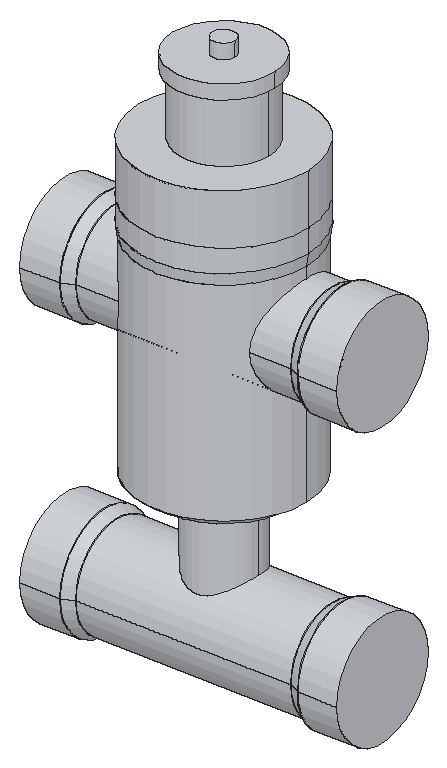
Revit family "VTX24P_DN20_PN16_RFA_2019", category Pipe Accessories, Revit 2019
Family settings
  Round Connector Dimension = Use Diameter
  Part Type = Valve - Breaks Into
  Work Plane-Based = No
  Always vertical = Yes
  Cut with Voids When Loaded = No
  Shared = No
Parameters (values of type "VTX24P G3/4  PN16 kvs4,0")
  magiProductId = ""
  magiProductFamilyId = ""
  magiPartTypeId = 306
  isMeasuringValve [instance] = no
  ang2D [instance] = 0.00°
  Z8 = 4 mm
  Z7__ve = -Z7  # -2.5 mm
  Z7 = 2.5 mm
  Z5 = 9.1 mm
  Z3 = 2 mm
  Z2 = 17.5 mm
  X4__ve = -X4  # -7 mm
  X4 = 7 mm
  X3 = 38 mm
  W2D = 15 mm
  VersionID = ""
  Use Minimum Symbol Size [instance] = yes
  URL = "www.hydronix.cz"
  Type Comments = "Závitový, vnější závit, ploché těsnění; LIN charakteristika; PN16; +5~+95°C; max.rychlost proudění 3,0 m/s"
  R9 = 9 mm
  R8 = 2 mm
  R7 = 15 mm
  R6 = 11.76 mm
  R5 = 7.409 mm
  R4 = 6.174 mm
  R2 = 14.7 mm
  R10 = 8 mm
  R1 = 9 mm
  QmdConnectorList = "301;D;302;D"
  Productdata [instance] = ""
  Manufacturer = "Hydronix"
  MC2 = yes
  MC Product Code = "VTX24P (G3/4\"; dpmax A-AB=100kPa;  dpmax B-AB=40kPa;  kvs 4,0)"
  MC = no
  LT2 = 21 mm
  L2D_Min = 3048 mm
  L2D = 38 mm
  H1 = 37.4 mm
  H = 26 mm
  E = 16 mm
  Description = "3 cestný regulační ventil malých spotřebičů s obtokem, DN20; zdvih 2,5mm; max dp A-AB 100kPa; max dp B-AB 40kPa; kvs4,0"
  DT2 = 10 mm
  D = 20 mm
  CAT0 = yes
  C = 50 mm
Types (8, lengths in mm): name | Z5 | Z2 | X3 | R6 | R5 | R4 | R2 | R1 | MC Product Code | LT2 | H1 | H | Description | DT2 | D | C
  VTX09P G1/2  PN16 kvs0,25 | 9.45 | 8.05 | 34 | 10.64 | 6.703 | 5.586 | 13.3 | 6.75 | "VTX09P (G1/2\"; dpmax=250kPa; kvs 0,25)" | 19 | 20.5 | 27 | "3 cestný regulační ventil malých spotřebičů s obtokem, DN15; zdvih 2,5mm; max dp 250kPa; kvs0,25" | 7.5 | 15 | 23
  VTX10P G1/2  PN16 kvs0,4 | 9.45 | 8.05 | 34 | 10.64 | 6.703 | 5.586 | 13.3 | 6.75 | "VTX10P (G1/2\"; dpmax=250kPa; kvs 0,4)" | 19 | 20.5 | 27 | "3 cestný regulační ventil malých spotřebičů s obtokem, DN15; zdvih 2,5mm; max dp 250kPa; kvs0,4" | 7.5 | 15 | 23
  VTX12P G1/2  PN16 kvs1,0 | 9.45 | 8.05 | 34 | 10.64 | 6.703 | 5.586 | 13.3 | 6.75 | "VTX12P (G1/2\"; dpmax=250kPa; kvs 1,0)" | 19 | 20.5 | 27 | "3 cestný regulační ventil malých spotřebičů s obtokem, DN15; zdvih 2,5mm; max dp 250kPa; kvs1,0" | 7.5 | 15 | 23
  VTX13P G1/2  PN16 kvs1,6 | 9.45 | 8.05 | 34 | 10.64 | 6.703 | 5.586 | 13.3 | 6.75 | "VTX13P (G1/2\"; dpmax=250kPa; kvs 1,6)" | 19 | 20.5 | 27 | "3 cestný regulační ventil malých spotřebičů s obtokem, DN15; zdvih 2,5mm; max dp 250kPa; kvs1,6" | 7.5 | 15 | 23
  VTX21P G3/4  PN16 kvs2,5 | 9.1 | 17.5 | 38 | 11.76 | 7.409 | 6.174 | 14.7 | 9 | "VTX21P (G3/4\"; dpmax=150kPa; kvs 2,5)" | 21 | 37.4 | 26 | "3 cestný regulační ventil malých spotřebičů s obtokem, DN20; zdvih 2,5mm; max dp 150kPa; kvs2,5" | 10 | 20 | 50
  VTX24P G3/4  PN16 kvs4,0 | 9.1 | 17.5 | 38 | 11.76 | 7.409 | 6.174 | 14.7 | 9 | "VTX24P (G3/4\"; dpmax A-AB=100kPa;  dpmax B-AB=40kPa;  kvs 4,0)" | 21 | 37.4 | 26 | "3 cestný regulační ventil malých spotřebičů s obtokem, DN20; zdvih 2,5mm; max dp A-AB 100kPa; max dp B-AB 40kPa; kvs4,0" | 10 | 20 | 50
  VTX26P G3/4  PN16 kvs6,0 | 9.1 | 17.5 | 38 | 11.76 | 7.409 | 6.174 | 14.7 | 9 | "VTX26P (G3/4\"; dpmax A-AB=100kPa;  dpmax B-AB=40kPa; kvs 6,0)" | 21 | 37.4 | 26 | "3 cestný regulační ventil malých spotřebičů s obtokem, DN20; zdvih 2,5mm; max dp A-AB 100kPa; max dp B-AB 40kPa; kvs6,0" | 10 | 20 | 50
  VTX11P G1/2  PN16 kvs0,6 | 9.45 | 8.05 | 34 | 10.64 | 6.703 | 5.586 | 13.3 | 6.75 | "VTX11P (G1/2\"; dpmax=250kPa; kvs 0,6)" | 19 | 20.5 | 27 | "3 cestný regulační ventil malých spotřebičů s obtokem, DN15; zdvih 2,5mm; max dp 250kPa; kvs0,6" | 7.5 | 15 | 23
Reference planes
  plane 1 "Center (Front/Back)": y = 0
  plane 2 "XYPLANE": z = 0
  plane 3 "Center (Left/Right)": x = 0
  plane 4 "271": z = 37
  plane 5 "254": z = 10.9
  plane 6 "253": z = 16.9
  plane 7 "148": z = 39.5
  plane 8 "132": z = 42
  plane 9 "62": z = 12.9
  plane 10 "53": z = 26
  plane 11 "52": z = -26.5
  plane 12 "48": z = -28.5
  plane 13 "47": z = -30.5
  plane 14 "38": z = -48
  plane 15 "37": x = 19
  plane 16 "36": x = 21
  plane 17 "23": z = -50
  plane 18 "19": x = -19
  plane 19 "15": x = -21
  plane 20 "6": x = 28
  plane 21 "5": x = -28
  plane 22 "3": z = 0
  plane 23 "2": y = 0
  plane 24 "1": x = 0
Forms (mm)
  Extrusion 1, solid
    sketch origin (-19, -750, 0) x (0, 1, 0) y (0, 0, 1)
      loop
        circle (750, -50) r 9
    from 0 to 38 <- "X3"
  Blend 2, solid
    base sketch origin (21, -750, 0) x (0, 1, 0) y (0, 0, 1)
      loop
        circle (750, -50) r 10
    top sketch origin (21, -750, 0) x (0, 1, 0) y (0, 0, 1)
      loop
        circle (750, -50) r 9
    from 0 to -2
  Extrusion 3, solid
    sketch origin (28, -750, 0) x (0, 1, 0) y (0, 0, 1)
      loop
        circle (750, -50) r 10
    from 0 to -7 <- "X4__ve"
  Extrusion 4, solid
    sketch origin (-28, -750, 0) x (0, 1, 0) y (0, 0, 1)
      loop
        circle (750, -50) r 10
    from 0 to 7 <- "X4"
  Blend 5, solid
    base sketch origin (-21, -750, 0) x (0, 1, 0) y (0, 0, 1)
      loop
        circle (750, -50) r 10
    top sketch origin (-21, -750, 0) x (0, 1, 0) y (0, 0, 1)
      loop
        circle (750, -50) r 9
    from 0 to 2
  Extrusion 6, solid, visible <- "CAT0"
    sketch origin (-750, 0, 42) x (1, 0, 0) y (0, 1, 0)
      loop
        circle (750, 0) r 2
    from 0 to -2.5 <- "Z7__ve"
  Extrusion 7, solid, visible <- "CAT0"
    sketch origin (-750, 0, 37) x (1, 0, 0) y (0, 1, 0)
      loop
        circle (750, 0) r 8
    from 0 to -19
  Extrusion 8, solid, visible <- "CAT0"
    sketch origin (-19, -750, 0) x (0, 1, 0) y (0, 0, 1)
      loop
        circle (750, 0) r 9
    from 0 to 38 <- "X3"
  Extrusion 9, solid
    sketch origin (-750, 0, 12.9) x (1, 0, 0) y (0, 1, 0)
      loop
        circle (750, 0) r 15
    from 0 to 4 <- "Z8"
  Extrusion 10, solid
    sketch origin (-750, 0, 39.5) x (1, 0, 0) y (0, 1, 0)
      loop
        circle (750, 0) r 9
    from 0 to -2.5 <- "Z7__ve"
  Extrusion 11, solid
    sketch origin (-750, 0, 16.9) x (1, 0, 0) y (0, 1, 0)
      loop
        circle (750, 0) r 15
    from 0 to 9.1 <- "Z5"
  Blend 12, solid
    base sketch origin (-750, 0, 10.9) x (1, 0, 0) y (0, 1, 0)
      loop
        circle (750, 0) r 14.7
    top sketch origin (-750, 0, 10.9) x (1, 0, 0) y (0, 1, 0)
      loop
        circle (750, 0) r 15
    from 0 to 2
  Blend 13, solid
    base sketch origin (-750, 0, -26.5) x (1, 0, 0) y (0, 1, 0)
      loop
        circle (750, 0) r 14.7
    top sketch origin (-750, 0, -26.5) x (1, 0, 0) y (0, 1, 0)
      loop
        circle (750, 0) r 11.76
    from 0 to -2
  Blend 14, solid
    base sketch origin (-750, 0, -28.5) x (1, 0, 0) y (0, 1, 0)
      loop
        circle (750, 0) r 7.409
    top sketch origin (-750, 0, -28.5) x (1, 0, 0) y (0, 1, 0)
      loop
        circle (750, 0) r 6.174
    from 0 to -2
  Extrusion 15, solid
    sketch origin (-750, 0, -48) x (1, 0, 0) y (0, 1, 0)
      loop
        circle (750, 0) r 6.174
    from 0 to 17.5 <- "Z2"
  Extrusion 16, solid
    sketch origin (28, -750, 0) x (0, 1, 0) y (0, 0, 1)
      loop
        circle (750, 0) r 10
    from 0 to -7 <- "X4__ve"
  Blend 17, solid
    base sketch origin (21, -750, 0) x (0, 1, 0) y (0, 0, 1)
      loop
        circle (750, 0) r 10
    top sketch origin (21, -750, 0) x (0, 1, 0) y (0, 0, 1)
      loop
        circle (750, 0) r 9
    from 0 to -2
  Extrusion 18, solid
    sketch origin (-750, 0, -26.5) x (1, 0, 0) y (0, 1, 0)
      loop
        circle (750, 0) r 14.7
    from 0 to 37.4 <- "H1"
  Blend 19, solid
    base sketch origin (-21, -750, 0) x (0, 1, 0) y (0, 0, 1)
      loop
        circle (750, 0) r 10
    top sketch origin (-21, -750, 0) x (0, 1, 0) y (0, 0, 1)
      loop
        circle (750, 0) r 9
    from 0 to 2
  Extrusion 20, solid
    sketch origin (-28, -750, 0) x (0, 1, 0) y (0, 0, 1)
      loop
        circle (750, 0) r 10
    from 0 to 7 <- "X4"
  Extrusion 21, solid, not visible
    sketch origin (21, -750, 0) x (0, 1, 0) y (0, 0, 1)
      loop
        circle (750, 0) r 10
    from 0 to -10
  Extrusion 22, solid, not visible
    sketch origin (-21, -750, 0) x (0, 1, 0) y (0, 0, 1)
      loop
        circle (750, 0) r 10
    from 0 to 10
Lines and regions (mm)
  reference lines, not visible
    curve 1: circle (2, 2, 0) r 1 normal (0, 0, 1)
Dimensions and locks
  plane 1 "Center (Front/Back)" to curve 1 = 2 mm
  "Z7": plane 7 "148" to plane 4 "271"
  "Z3": plane 9 "62" to plane 5 "254"
  "Z5": plane 10 "53" to plane 6 "253"
  "Z7": plane 8 "132" to plane 7 "148"
  "E": plane 10 "53" to plane 8 "132"
  "Z8": plane 6 "253" to plane 9 "62"
  "H": plane 2 "XYPLANE" to plane 10 "53"
  "Z3": plane 12 "48" to plane 11 "52"
  "Z3": plane 13 "47" to plane 12 "48"
  "Z2": plane 14 "38" to plane 13 "47"
  "Z3": plane 17 "23" to plane 14 "38"
  locked: plane 16 "36" to plane 15 "37" at 2
  "LT2": plane 3 "Center (Left/Right)" to plane 16 "36"
  "C": plane 2 "XYPLANE" to plane 17 "23"
  locked: plane 19 "15" to plane 18 "19" at 2
  "LT2": plane 3 "Center (Left/Right)" to plane 19 "15"
  "X4": plane 16 "36" to plane 20 "6"
  "X4": plane 19 "15" to plane 21 "5"
  locked: plane 2 "XYPLANE" to plane 22 "3"
  locked: plane 1 "Center (Front/Back)" to plane 23 "2"
  locked: plane 3 "Center (Left/Right)" to plane 24 "1"
  "R1": radius of Extrusion 1 sketch curve
  "R1": radius of Blend 2 sketch curve
  "DT2": radius of Blend 2 sketch curve
  "DT2": radius of Extrusion 3 sketch curve
  "DT2": radius of Extrusion 4 sketch curve
  "R1": radius of Blend 5 sketch curve
  "DT2": radius of Blend 5 sketch curve
  "R8": radius of Extrusion 6 sketch curve
  "R10": radius of Extrusion 7 sketch curve
  "R1": radius of Extrusion 8 sketch curve
  "R7": radius of Extrusion 9 sketch curve
  "R9": radius of Extrusion 10 sketch curve
  "R7": radius of Extrusion 11 sketch curve
  "R7": radius of Blend 12 sketch curve
  "R2": radius of Blend 12 sketch curve
  "R6": radius of Blend 13 sketch curve
  "R2": radius of Blend 13 sketch curve
  "R4": radius of Blend 14 sketch curve
  "R5": radius of Blend 14 sketch curve
  "R4": radius of Extrusion 15 sketch curve
  "DT2": radius of Extrusion 16 sketch curve
  "R1": radius of Blend 17 sketch curve
  "DT2": radius of Blend 17 sketch curve
  "R2": radius of Extrusion 18 sketch curve
  "R1": radius of Blend 19 sketch curve
  "DT2": radius of Blend 19 sketch curve
  "DT2": radius of Extrusion 20 sketch curve
  aligned and locked: level to plane 2 "XYPLANE"
  aligned and locked: plane 17 "23" to Extrusion 1 sketch curve
  aligned and locked: Extrusion 1 sketch curve to plane 23 "2"
  aligned and locked: plane 17 "23" to Blend 2 sketch curve  (x2)
  aligned and locked: Blend 2 sketch curve to plane 23 "2"  (x2)
  aligned and locked: Blend 2 to plane 15 "37"
  aligned and locked: plane 17 "23" to Extrusion 3 sketch curve
  aligned and locked: Extrusion 3 sketch curve to plane 23 "2"
  aligned and locked: plane 17 "23" to Extrusion 4 sketch curve
  aligned and locked: Extrusion 4 sketch curve to plane 23 "2"
  aligned and locked: plane 17 "23" to Blend 5 sketch curve  (x2)
  aligned and locked: Blend 5 sketch curve to plane 23 "2"  (x2)
  aligned and locked: plane 18 "19" to Blend 5
  aligned and locked: plane 23 "2" to Extrusion 6 sketch curve
  aligned and locked: plane 24 "1" to Extrusion 6 sketch curve
  aligned and locked: plane 23 "2" to Extrusion 7 sketch curve
  aligned and locked: plane 24 "1" to Extrusion 7 sketch curve
  aligned and locked: plane 22 "3" to Extrusion 8 sketch curve
  aligned and locked: Extrusion 8 sketch curve to plane 23 "2"
  aligned and locked: plane 23 "2" to Extrusion 9 sketch curve
  aligned and locked: plane 24 "1" to Extrusion 9 sketch curve
  aligned and locked: plane 23 "2" to Extrusion 10 sketch curve
  aligned and locked: plane 24 "1" to Extrusion 10 sketch curve
  aligned and locked: plane 23 "2" to Extrusion 11 sketch curve
  aligned and locked: plane 24 "1" to Extrusion 11 sketch curve
  aligned and locked: plane 23 "2" to Blend 12 sketch curve  (x2)
  aligned and locked: plane 24 "1" to Blend 12 sketch curve  (x2)
  aligned and locked: plane 9 "62" to Blend 12
  aligned and locked: plane 23 "2" to Blend 13 sketch curve  (x2)
  aligned and locked: plane 24 "1" to Blend 13 sketch curve  (x2)
  aligned and locked: Blend 13 to plane 12 "48"
  aligned and locked: plane 23 "2" to Blend 14 sketch curve  (x2)
  aligned and locked: plane 24 "1" to Blend 14 sketch curve  (x2)
  aligned and locked: Blend 14 to plane 13 "47"
  aligned and locked: plane 23 "2" to Extrusion 15 sketch curve
  aligned and locked: plane 24 "1" to Extrusion 15 sketch curve
  aligned and locked: plane 22 "3" to Extrusion 16 sketch curve
  aligned and locked: Extrusion 16 sketch curve to plane 23 "2"
  aligned and locked: plane 22 "3" to Blend 17 sketch curve  (x2)
  aligned and locked: Blend 17 sketch curve to plane 23 "2"  (x2)
  aligned and locked: Blend 17 to plane 15 "37"
  aligned and locked: plane 23 "2" to Extrusion 18 sketch curve
  aligned and locked: plane 24 "1" to Extrusion 18 sketch curve
  aligned and locked: plane 22 "3" to Blend 19 sketch curve  (x2)
  aligned and locked: Blend 19 sketch curve to plane 23 "2"  (x2)
  aligned and locked: plane 18 "19" to Blend 19
  aligned and locked: plane 22 "3" to Extrusion 20 sketch curve
  aligned and locked: Extrusion 20 sketch curve to plane 23 "2"
  aligned and locked: plane 22 "3" to Extrusion 21 sketch curve
  aligned and locked: Extrusion 21 sketch curve to plane 23 "2"
  aligned and locked: plane 22 "3" to Extrusion 22 sketch curve
  aligned and locked: Extrusion 22 sketch curve to plane 23 "2"
Automatic sketch dimensions
  plane 1 "Center (Front/Back)" to Extrusion 21 sketch curve = 10 mm
  plane 1 "Center (Front/Back)" to Extrusion 22 sketch curve = 10 mm
  plane 3 "Center (Left/Right)" to curve 1 = 2 mm
  radius of curve 1 = 1 mm
Connectors
  piping at (-21, 0, 0), diameter 20, driven by "D"
    settings: on Extrusion 22, index 1, connector inside diameter 609.6 mm, connector length 0 mm, flow factor 0, pipe flow 0.0 L/s, pressure drop 0.0 Pa, fitting loss kfactor 0, connector angle 0.00°, fixture units 0, engagement length 0 mm, angle of deflection 0.00°, flow configuration 0, flow direction 0, fitting loss method 0, system type 29, joint type 0, gender type 0, connector reference index 2, connector utility 0, adjustable connector no, is connector primary yes, connector description ""
  piping at (21, 0, 0), diameter 20, driven by "D"
    settings: on Extrusion 21, index 2, connector inside diameter 609.6 mm, connector length 0 mm, flow factor 0, pipe flow 0.0 L/s, pressure drop 0.0 Pa, fitting loss kfactor 0, connector angle 0.00°, fixture units 0, engagement length 0 mm, angle of deflection 0.00°, flow configuration 0, flow direction 0, fitting loss method 0, system type 29, joint type 0, gender type 0, connector reference index 1, connector utility 0, adjustable connector no, is connector primary no, connector description ""
